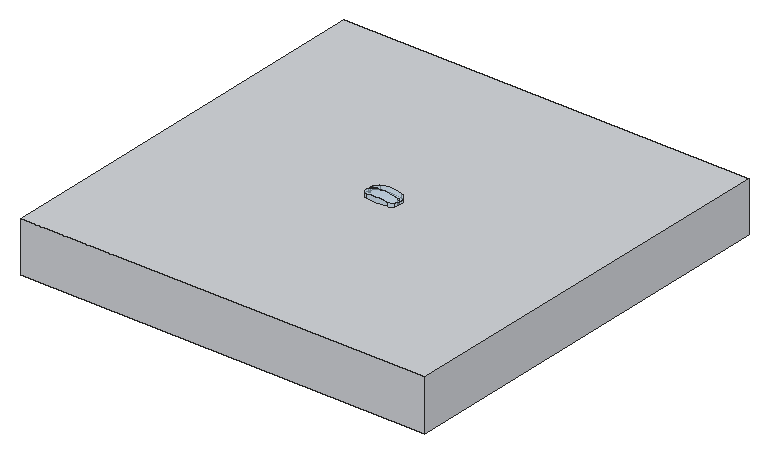
Revit family "GALAD Блистер LED", category Осветительные приборы, Revit 2018 (continued)
Types (3, lengths in mm): name | Файл фотометрической сетки | built-in parameter 1150142 | Материал рассеивателя | Материал корпуса | URL | IP | ADSK_Наименование краткое | ADSK_Наименование | ADSK_Марка | ADSK_Код изделия
  GALAD Блистер LED-9 ECO IP30 Датчик звука | "svetilnik GALAD blister LED-9 ECO IP30 datchik zvuka.ies" | "IESNA:LM-63-1995\r\n[TEST] Протокол №297R/20, ПАС\r\r\n[DATA]11.09.2020\r\r\n[MANUFAC] GALAD\r\r\n[LUMCAT]  \r\n[LUMINAIRE]Блистер LED-9 ECO IP30 Датчик звука\r\r\n[LAMPCAT] \r\r\n[LAMP] LED 9 Вт\r\r\nTILT=NONE\r\n1     710 0.710 73 145 1 2 0.200 0.118 0.040\r\n1.0 1.0 9\r\n0.0 2.5 5.0 7.5 10.0 12.5 15.0 17.5 20.0 22.5 25.0 27.5 30.0 32.5 35.0 37.5 40.0 42.5 45.0 47.5 50.0 52.5 55.0 57.5 60.0 62.5 65.0 67.5 70.0 72.5 75.0 77.5 80.0 82.5 85.0 87.5 90.0 92.5 95.0 97.5 100.0 102.5 105.0 107.5 110.0 112.5 115.0 117.5 120.0 122.5 125.0 127.5 130.0 132.5 135.0 137.5 140.0 142.5 145.0 147.5 150.0 152.5 155.0 157.5 160.0 162.5 165.0 167.5 170.0 172.5 175.0 177.5 180.0\r\n0.0 2.5 5.0 7.5 10.0 12.5 15.0 17.5 20.0 22.5 25.0 27.5 30.0 32.5 35.0 37.5 40.0 42.5 45.0 47.5 50.0 52.5 55.0 57.5 60.0 62.5 65.0 67.5 70.0 72.5 75.0 77.5 80.0 82.5 85.0 87.5 90.0 92.5 95.0 97.5 100.0 102.5 105.0 107.5 110.0 112.5 115.0 117.5 120.0 122.5 125.0 127.5 130.0 132.5 135.0 137.5 140.0 142.5 145.0 147.5 150.0 152.5 155.0 157.5 160.0 162.5 165.0 167.5 170.0 172.5 175.0 177.5 180.0 182.5 185.0 187.5 190.0 192.5 195.0 197.5 200.0 202.5 205.0 207.5 210.0 212.5 215.0 217.5 220.0 222.5 225.0 227.5 230.0 232.5 235.0 237.5 240.0 242.5 245.0 247.5 250.0 252.5 255.0 257.5 260.0 262.5 265.0 267.5 270.0 272.5 275.0 277.5 280.0 282.5 285.0 287.5 290.0 292.5 295.0 297.5 300.0 302.5 305.0 307.5 310.0 312.5 315.0 317.5 320.0 322.5 325.0 327.5 330.0 332.5 335.0 337.5 340.0 342.5 345.0 347.5 350.0 352.5 355.0 357.5 360.0\r\n287.28 288.69 289.12 288.27 286.72 284.61 282.07 279.11 275.59 271.36 266.57 261.50 255.87 249.38 242.62 235.29 227.55 219.23 210.07 200.92 191.62 182.18 171.89 161.18 150.62 140.05 129.34 118.49 108.07 97.92 88.06 78.90 70.31 62.56 55.23 48.61 42.83 37.48 32.69 28.74 25.36 22.68 20.29 17.19 13.53 10.85 9.72 9.16 10.00 10.85 10.85 10.71 10.71 10.29 9.72 9.16 8.74 8.31 7.89 7.33 7.04 6.62 6.20 5.64 4.93 4.23 3.66 3.38 3.38 3.24 2.40 0.85 0.14 \r\n287.28 288.69 289.26 288.41 286.86 285.03 282.49 279.39 276.01 271.79 267.14 261.78 256.01 249.67 242.62 235.44 227.69 219.37 210.78 201.76 192.46 182.60 172.31 162.03 151.32 140.47 129.76 119.06 108.49 98.34 88.76 79.32 70.73 62.84 55.51 49.03 42.97 37.76 32.97 28.88 25.50 22.82 20.29 17.33 13.67 10.85 9.44 8.88 9.72 10.57 10.57 10.57 10.43 10.14 9.58 9.16 8.74 8.31 7.89 7.33 7.04 6.62 6.06 5.64 4.93 4.23 3.66 3.38 3.38 3.24 2.25 0.85 0.14 \r\n287.28 288.69 289.26 288.55 287.00 285.17 282.78 279.68 276.01 271.79 267.28 261.92 256.01 249.53 242.62 235.29 227.69 219.66 210.92 201.76 192.46 182.74 172.46 162.17 151.74 140.90 130.19 119.34 108.63 98.49 88.62 79.61 71.01 62.84 55.65 49.17 43.25 37.76 32.97 28.88 25.50 22.82 20.43 17.47 13.81 10.85 9.30 8.74 9.58 10.43 10.43 10.43 10.43 10.00 9.44 9.02 8.59 8.17 7.75 7.33 7.04 6.62 6.06 5.49 4.93 4.23 3.66 3.38 3.24 3.24 2.25 0.85 0.14 \r\n287.28 288.69 289.26 288.55 287.14 285.31 282.78 279.39 275.73 271.65 266.86 261.64 256.15 249.95 243.04 236.00 228.25 220.08 211.62 202.47 192.74 182.88 172.88 162.59 151.74 141.04 130.33 119.62 109.05 98.63 88.76 79.46 70.87 62.98 55.65 49.17 43.11 37.76 32.97 28.88 25.50 22.82 20.29 16.91 13.39 10.85 9.44 8.88 9.72 10.43 10.43 10.43 10.43 10.00 9.44 9.02 8.59 8.17 7.75 7.33 6.90 6.62 6.06 5.64 4.93 4.23 3.66 3.38 3.24 3.24 2.11 0.70 0.14 \r\n287.28 288.83 289.26 288.55 287.00 285.17 282.64 279.11 275.45 271.79 267.14 261.78 256.29 249.95 243.33 235.86 228.11 220.08 211.48 202.47 193.03 183.45 173.30 162.73 152.03 141.32 130.33 119.76 109.05 98.91 89.05 79.75 71.15 62.98 55.65 49.03 43.11 37.76 32.97 28.88 25.50 22.68 20.29 17.19 13.81 10.85 9.16 8.88 9.72 10.14 10.14 10.29 10.14 9.86 9.30 8.88 8.45 8.03 7.61 7.19 6.90 6.48 6.06 5.49 4.93 4.23 3.66 3.38 3.24 3.24 2.11 0.70 0.14 \r\n287.28 288.83 289.40 288.55 286.86 284.89 282.21 279.11 275.59 271.79 267.28 262.06 256.29 250.09 243.47 236.42 228.53 220.36 211.91 202.61 193.03 183.45 173.72 162.87 152.31 141.46 130.75 119.90 109.19 98.91 89.05 79.61 70.87 62.84 55.51 48.75 42.69 37.34 32.69 28.60 25.22 22.54 20.01 17.33 14.09 11.13 9.44 8.74 9.44 10.00 10.00 10.14 10.14 9.86 9.30 8.88 8.45 8.03 7.61 7.19 6.76 6.48 6.06 5.49 4.93 4.09 3.52 3.38 3.24 3.10 1.97 0.70 0.14 \r\n287.28 288.83 289.40 288.41 286.72 284.61 281.93 279.11 275.87 271.93 267.28 261.92 256.29 250.09 243.18 236.28 228.39 220.08 211.77 202.33 192.89 183.45 173.16 162.73 152.31 141.46 130.47 119.76 109.19 98.77 88.76 79.46 70.73 62.70 55.37 48.61 42.69 37.20 32.41 28.46 25.08 22.40 19.87 17.05 14.09 11.69 10.14 9.58 9.72 9.58 9.58 9.72 9.72 9.44 9.02 8.74 8.31 8.03 7.61 7.19 6.76 6.34 5.92 5.49 4.79 4.09 3.52 3.38 3.24 3.10 1.83 0.56 0.14 \r\n287.28 288.83 289.40 288.27 286.58 284.47 281.93 279.11 275.87 271.65 267.00 261.92 256.29 250.09 243.47 236.28 228.39 220.08 211.62 202.61 193.31 183.16 173.16 162.87 152.17 141.32 130.33 119.48 108.91 98.63 88.76 79.32 70.59 62.28 54.95 48.19 42.13 36.77 32.12 28.18 24.80 22.12 19.73 17.19 14.37 11.84 10.29 9.72 9.58 9.30 9.16 9.16 9.16 8.88 8.59 8.45 8.17 7.89 7.47 7.04 6.76 6.34 5.92 5.35 4.65 3.95 3.52 3.38 3.24 2.96 1.83 0.56 0.14 \r\n287.28 288.98 289.26 288.13 286.44 284.47 282.07 279.25 275.73 271.50 266.86 262.06 256.43 250.09 243.33 236.14 228.39 220.36 211.62 202.47 193.31 183.45 173.30 162.73 152.03 141.18 130.47 119.62 108.91 98.34 88.34 79.04 70.31 62.13 54.67 48.05 41.99 36.63 31.84 27.90 24.52 21.84 19.44 16.63 13.95 11.84 10.57 10.14 9.86 9.44 9.16 9.02 8.74 8.31 8.03 7.89 7.75 7.61 7.33 7.04 6.62 6.34 5.78 5.21 4.65 3.95 3.52 3.38 3.24 2.96 1.69 0.42 0.14 \r\n287.28 288.98 289.12 287.99 286.30 284.47 282.21 279.39 275.87 271.65 267.00 261.92 256.29 249.95 243.18 236.00 227.97 220.08 211.77 202.47 193.03 183.45 173.30 162.73 152.17 141.32 130.33 119.48 108.77 98.34 88.48 78.90 70.02 61.85 54.39 47.48 41.42 36.07 31.28 27.33 24.09 21.42 19.02 16.48 14.09 12.12 11.13 10.71 10.00 9.44 9.02 8.88 8.31 7.89 7.47 7.33 7.19 7.04 7.04 6.76 6.62 6.20 5.78 5.21 4.51 3.80 3.52 3.38 3.24 2.82 1.55 0.42 0.14 \r\n287.28 288.83 289.12 287.85 286.16 284.33 282.21 279.39 275.87 271.65 267.14 261.78 256.29 250.09 243.18 236.00 228.25 219.80 211.34 202.61 192.89 182.88 173.02 162.59 151.88 141.18 130.19 119.20 108.49 98.06 88.06 78.62 69.74 61.43 53.82 47.06 41.00 35.65 31.14 27.19 23.81 21.13 18.88 16.48 14.23 12.26 11.27 10.71 10.00 9.44 9.02 8.74 8.17 7.61 7.19 6.90 6.62 6.62 6.62 6.48 6.34 6.06 5.64 5.07 4.37 3.80 3.38 3.38 3.24 2.68 1.41 0.42 0.14 \r\n287.28 288.83 288.98 287.85 286.16 284.33 282.07 279.25 275.73 271.50 267.00 261.64 256.15 249.67 243.18 236.00 228.25 220.08 211.20 202.18 192.89 183.02 172.88 162.45 151.60 140.90 130.05 119.06 108.21 97.92 87.92 78.20 69.18 61.01 53.40 46.50 40.44 35.08 30.43 26.49 23.25 20.57 18.46 16.20 14.23 12.82 11.98 11.13 10.29 9.58 9.02 8.45 7.89 7.33 6.76 6.48 6.20 6.06 6.06 6.06 6.06 5.92 5.49 4.93 4.37 3.66 3.38 3.24 3.24 2.54 1.27 0.28 0.14 \r\n287.28 288.83 288.83 287.71 286.16 284.33 282.07 279.11 275.59 271.50 266.86 261.78 256.29 249.81 243.18 236.00 228.11 219.94 211.34 202.18 192.60 183.02 172.88 162.59 152.03 141.04 129.91 119.20 108.21 97.64 87.50 77.91 69.04 60.58 52.98 46.21 40.01 34.66 30.01 26.07 22.82 20.29 18.18 16.34 14.51 12.96 11.98 11.13 10.14 9.44 8.88 8.31 7.61 7.04 6.62 6.20 5.92 5.64 5.64 5.64 5.64 5.64 5.35 4.79 4.23 3.66 3.38 3.24 3.24 2.40 1.13 0.28 0.14 \r\n287.28 288.69 288.69 287.71 286.16 284.33 281.93 279.11 275.59 271.50 266.86 261.78 256.01 249.81 243.04 235.86 227.97 219.80 211.34 202.18 192.60 182.88 172.74 162.31 151.74 140.61 129.48 118.63 107.93 97.22 86.93 77.35 68.33 60.02 52.27 45.37 39.17 33.81 29.31 25.50 22.26 19.73 17.61 15.92 14.37 13.10 12.12 11.27 10.43 9.72 9.02 8.31 7.47 6.76 6.20 5.92 5.49 5.35 5.21 5.21 5.21 5.21 5.07 4.65 4.09 3.52 3.38 3.24 3.24 2.25 0.99 0.28 0.14 \r\n287.28 288.69 288.69 287.71 286.16 284.33 281.93 278.97 275.45 271.50 267.00 261.50 255.87 249.95 243.04 235.72 227.97 219.66 211.06 202.04 192.60 182.74 172.46 161.75 151.32 140.47 129.34 118.35 107.50 96.94 86.79 76.93 67.77 59.32 51.71 44.80 38.75 33.39 28.88 24.94 21.84 19.30 17.33 15.78 14.37 13.24 12.26 11.27 10.29 9.44 8.74 7.89 7.19 6.48 6.06 5.64 5.21 4.93 4.79 4.65 4.79 4.79 4.65 4.37 3.95 3.52 3.38 3.24 3.10 2.11 0.85 0.28 0.14 \r\n287.28 288.69 288.55 287.71 286.30 284.47 282.07 278.97 275.45 271.36 266.86 261.22 255.72 249.67 242.62 235.44 227.69 219.51 210.92 201.76 192.18 182.32 172.31 161.75 151.04 140.19 129.20 118.07 106.94 96.37 86.09 76.37 67.35 58.75 51.14 44.10 37.90 32.55 28.04 24.23 21.13 18.74 16.77 15.22 14.09 13.10 12.12 11.13 10.14 9.44 8.74 7.89 7.04 6.34 5.78 5.35 4.93 4.65 4.37 4.37 4.37 4.37 4.37 4.09 3.80 3.52 3.38 3.24 3.10 1.97 0.70 0.14 0.14 \r\n287.28 288.55 288.55 287.71 286.30 284.61 282.07 278.97 275.45 271.22 266.71 261.22 255.58 249.38 242.20 235.15 227.40 218.95 210.50 201.48 192.04 182.04 171.89 161.32 150.48 139.77 128.50 117.65 106.66 95.95 85.66 75.94 66.78 58.19 50.44 43.40 37.20 31.98 27.47 23.67 20.71 18.18 16.34 14.79 13.81 12.96 12.12 10.99 10.14 9.30 8.45 7.61 6.76 6.06 5.49 5.07 4.65 4.37 4.09 3.95 3.95 3.95 3.80 3.80 3.52 3.38 3.38 3.24 3.10 1.83 0.70 0.14 0.14 \r\n287.28 288.41 288.41 287.71 286.30 284.47 281.93 278.97 275.31 271.22 266.57 261.22 255.44 249.10 242.34 234.87 226.98 218.67 210.07 200.92 191.62 181.75 171.33 161.04 150.05 139.20 128.07 116.94 106.23 95.39 84.96 75.24 65.94 57.34 49.45 42.41 36.35 31.14 26.63 22.82 19.87 17.47 15.64 14.23 13.39 12.68 11.84 10.71 9.72 8.88 8.31 7.47 6.76 6.06 5.35 4.79 4.37 3.95 3.80 3.52 3.52 3.38 3.38 3.38 3.38 3.38 3.38 3.24 2.96 1.69 0.56 0.14 0.14 \r\n287.28 288.41 288.41 287.57 286.30 284.19 281.65 278.83 275.31 271.22 266.29 261.08 255.30 249.10 242.34 234.87 227.12 218.81 210.07 200.92 191.34 181.47 171.19 160.76 150.05 139.06 128.07 116.94 105.95 94.82 84.40 74.53 65.23 56.64 48.75 41.70 35.65 30.43 25.92 22.26 19.16 16.91 14.93 13.67 12.82 12.26 11.41 10.57 9.58 8.74 8.03 7.33 6.48 5.78 5.21 4.65 4.09 3.66 3.38 3.24 3.10 2.96 2.96 3.10 3.24 3.24 3.38 3.24 2.96 1.55 0.42 0.14 0.14 \r\n287.28 288.27 288.41 287.57 286.30 284.19 281.51 278.55 275.17 271.08 266.29 260.94 255.16 248.96 242.20 234.59 227.26 218.95 210.07 201.06 191.48 181.33 171.19 160.62 149.63 138.64 127.51 116.52 105.39 94.68 84.11 74.11 64.81 55.94 48.05 41.00 34.80 29.45 25.08 21.42 18.46 16.06 14.37 13.10 12.40 11.69 10.99 10.00 9.16 8.45 7.75 7.19 6.34 5.64 4.93 4.37 3.95 3.52 3.24 2.96 2.68 2.54 2.54 2.68 2.96 3.24 3.24 3.24 2.82 1.41 0.42 0.14 0.14 \r\n287.28 288.27 288.41 287.57 286.30 284.19 281.37 278.55 275.17 271.08 266.29 260.94 255.02 248.68 242.06 234.59 226.70 218.39 209.79 200.63 191.19 181.33 170.91 160.20 149.35 138.50 127.37 116.10 105.11 94.12 83.55 73.55 64.11 55.37 47.48 40.44 34.10 28.88 24.37 20.85 17.89 15.50 13.67 12.40 11.84 11.27 10.57 9.72 8.88 8.31 7.61 6.90 6.20 5.35 4.65 4.09 3.66 3.24 2.82 2.54 2.25 2.11 2.25 2.40 2.82 3.10 3.24 3.24 2.68 1.27 0.28 0.00 0.14 \r\n287.28 288.13 288.27 287.57 286.30 284.33 281.51 278.69 275.17 270.80 266.15 260.94 255.02 248.26 241.63 234.17 226.42 217.96 209.23 200.07 190.63 180.63 170.20 159.77 149.07 137.80 126.81 115.53 104.26 93.41 82.99 72.70 63.26 54.53 46.35 39.31 33.25 27.90 23.53 19.87 17.05 14.65 12.96 11.84 11.13 10.57 9.86 9.16 8.45 8.03 7.47 6.76 6.06 5.07 4.37 3.80 3.38 2.96 2.54 2.25 1.97 1.83 1.83 2.11 2.68 2.96 3.24 3.24 2.68 1.13 0.28 0.00 0.14 \r\n287.28 287.99 288.27 287.43 286.16 284.33 281.65 278.69 275.03 270.52 266.01 260.51 254.74 248.12 241.35 233.74 226.00 217.68 208.95 199.51 190.07 179.92 169.64 159.21 148.50 137.37 126.10 114.97 103.70 92.57 82.00 71.86 62.28 53.54 45.65 38.61 32.41 27.05 22.68 19.02 16.20 13.81 12.26 11.13 10.57 9.86 9.30 8.59 8.03 7.75 7.19 6.48 5.64 4.93 4.09 3.52 3.10 2.68 2.25 1.97 1.55 1.41 1.55 1.97 2.40 2.82 3.10 3.24 2.54 0.99 0.28 0.00 0.14 \r\n287.28 287.99 288.13 287.43 286.16 284.19 281.79 278.41 274.89 270.24 265.73 260.09 254.46 248.26 241.21 233.74 225.71 217.40 208.67 199.37 189.93 179.92 169.50 158.79 148.08 136.95 125.82 114.55 103.28 92.15 81.58 71.29 61.71 52.98 44.80 37.62 31.42 26.07 21.84 18.18 15.36 13.10 11.55 10.57 9.86 9.30 8.59 8.03 7.61 7.19 6.76 6.06 5.35 4.65 3.80 3.24 2.82 2.40 1.97 1.55 1.27 1.13 1.27 1.69 2.25 2.68 2.96 3.24 2.40 0.85 0.14 0.00 0.14 \r\n287.28 287.85 287.99 287.43 286.02 284.04 281.65 278.41 274.89 270.24 265.73 260.09 254.46 247.98 240.93 233.32 225.57 217.40 208.24 199.23 189.64 179.36 169.21 158.65 147.80 136.67 125.40 113.98 102.71 91.58 80.87 70.45 60.87 52.13 43.96 36.91 30.72 25.36 20.99 17.47 14.51 12.26 10.71 10.00 9.44 8.74 8.17 7.61 7.04 6.76 6.34 5.64 4.93 4.23 3.52 2.96 2.54 2.11 1.69 1.27 0.99 0.85 1.13 1.55 1.97 2.40 2.82 3.10 2.25 0.70 0.14 0.00 0.14 \r\n287.28 287.85 287.85 287.43 286.02 283.90 281.51 278.41 274.60 270.10 265.73 260.37 254.17 247.41 240.51 233.04 225.01 216.70 207.96 198.94 189.08 179.08 168.65 158.08 147.09 135.82 124.69 113.42 102.15 90.74 80.03 69.88 60.16 51.29 42.97 35.79 29.59 24.37 20.01 16.48 13.53 11.41 10.00 9.30 8.88 8.45 7.61 7.04 6.62 6.20 5.78 5.21 4.51 3.80 3.24 2.68 2.11 1.69 1.27 0.99 0.70 0.70 0.85 1.27 1.83 2.11 2.68 3.10 2.11 0.70 0.14 0.00 0.14 \r\n287.28 287.71 287.85 287.43 286.02 283.76 281.51 278.27 274.04 269.95 265.31 260.09 253.75 247.13 240.23 232.62 224.59 216.27 207.68 198.38 188.52 178.80 168.37 157.66 146.53 135.54 124.13 112.72 101.30 90.03 79.32 68.90 59.32 50.44 42.41 35.08 28.88 23.53 19.16 15.50 12.54 10.57 9.44 9.02 8.45 7.89 7.19 6.48 5.92 5.49 5.21 4.65 4.09 3.38 2.82 2.25 1.83 1.41 0.99 0.70 0.56 0.56 0.70 1.13 1.55 1.83 2.40 2.96 1.97 0.56 0.14 0.00 0.14 \r\n287.28 287.71 287.85 287.28 286.02 283.76 281.37 278.13 274.04 270.10 264.88 259.53 253.47 247.13 240.09 232.48 224.59 215.99 207.26 197.82 188.09 178.23 167.67 157.10 146.11 134.98 123.42 112.15 100.74 89.33 78.48 68.19 58.47 49.45 41.28 34.24 27.90 22.68 18.32 14.51 11.55 9.72 8.74 8.31 7.89 7.47 6.62 5.92 5.35 4.93 4.65 4.09 3.52 2.96 2.40 1.83 1.41 0.99 0.70 0.56 0.42 0.42 0.56 0.99 1.41 1.69 2.11 2.68 1.83 0.42 0.00 0.00 0.14 \r\n287.28 287.57 287.71 287.28 285.88 283.76 281.09 277.99 274.18 269.95 264.74 259.25 253.05 246.57 239.94 232.20 224.30 215.85 207.12 197.39 187.81 177.81 167.24 156.68 145.54 134.41 123.00 111.45 100.04 88.76 77.77 67.35 57.77 48.75 40.58 33.39 27.05 21.84 17.47 13.53 10.57 9.02 8.31 7.75 7.19 6.62 5.92 5.21 4.79 4.37 3.95 3.52 3.10 2.54 2.11 1.55 1.13 0.85 0.56 0.42 0.42 0.42 0.56 0.85 1.13 1.41 1.83 2.40 1.69 0.42 0.00 0.00 0.14 \r\n287.28 287.57 287.71 287.28 285.74 283.62 280.94 277.85 273.90 269.67 264.74 259.11 252.77 246.57 239.38 231.77 224.02 215.57 206.69 196.97 187.11 177.25 166.68 155.83 144.98 133.71 122.30 110.74 99.47 88.20 77.07 66.78 56.92 47.90 39.73 32.41 26.07 20.85 16.48 12.40 9.58 8.17 7.61 7.04 6.48 6.06 5.49 4.65 4.09 3.80 3.38 3.10 2.68 2.11 1.55 1.13 0.85 0.56 0.42 0.28 0.28 0.28 0.42 0.70 0.99 1.27 1.55 2.11 1.41 0.28 0.00 0.00 0.14 \r\n287.28 287.57 287.71 287.28 285.59 283.48 280.80 277.70 273.76 269.67 264.46 258.97 252.62 246.43 239.10 231.63 223.74 214.86 205.99 196.55 186.55 176.82 166.40 155.55 144.70 133.15 121.73 110.18 98.63 87.21 76.37 65.80 56.08 47.06 39.17 31.70 25.50 20.15 15.36 11.55 8.88 7.47 6.90 6.20 5.64 5.21 4.79 4.09 3.52 3.10 2.82 2.54 2.11 1.69 1.27 0.85 0.56 0.42 0.28 0.28 0.28 0.28 0.28 0.56 0.85 1.13 1.27 1.97 1.27 0.28 0.00 0.00 0.14 \r\n287.28 287.43 287.71 287.28 285.45 283.48 280.80 277.56 273.76 269.25 264.18 258.68 252.62 246.00 238.82 231.35 223.46 214.44 205.42 196.27 186.26 175.98 165.55 154.84 143.99 132.86 121.31 109.62 97.78 86.65 75.52 64.95 55.23 46.50 38.46 31.00 24.66 19.44 14.09 10.29 8.03 6.90 6.06 5.49 4.93 4.51 4.09 3.52 2.96 2.68 2.25 1.97 1.69 1.27 0.99 0.70 0.42 0.28 0.28 0.14 0.14 0.14 0.28 0.42 0.70 0.99 0.99 1.69 1.13 0.14 0.00 0.00 0.14 \r\n287.28 287.43 287.71 287.28 285.31 283.48 280.80 277.42 273.62 268.83 263.90 258.26 252.62 245.58 238.54 231.07 222.90 214.16 205.14 195.70 186.26 175
